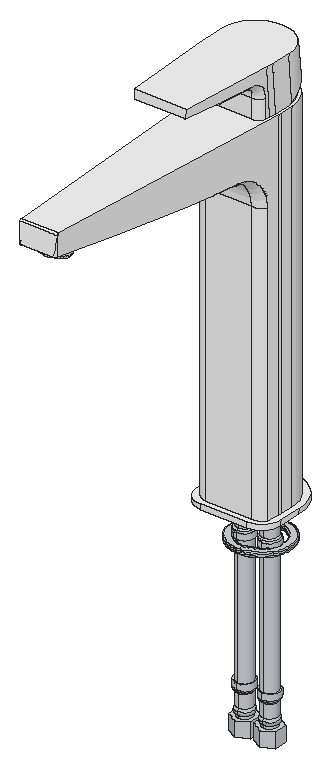
Revit family "Reece_Tap_Posh_Solus MK3_Basin Mixer_Extended", category Plumbing Fixtures, host Face, Revit 2018
Family settings
  Host = Face
  Round Connector Dimension = Use Diameter
  Part Type = Normal
  Cut with Voids When Loaded = No
  Shared = Yes
  Room Calculation Point = Yes
Parameters (values of type "160 mm_Chrome")
  WFU = 0  # constant formula
  URL = "https://www.reece.com.au/product/-9508808"
  Type Comments = "Tap"
  Reece_Tap_Reach = 160 mm  # constant formula
  Reece_Tap_Inlet = 12 mm  # constant formula
  Reece_Tap_Clearance = 210 mm  # constant formula
  Reece_Product_Web Page = "https://www.reece.com.au/product/-9508808"
  Reece_Product_Type = "Tap"  # constant formula
  Reece_Product_Sub Brand = "Solus MK3"  # constant formula
  Reece_Product_Number = "9508808"
  Reece_Product_Mount = "Hob Mounted"
  Reece_Product_Description = "Posh Solus MK3 Extended Basin Mixer Tap Chrome (4 Star)"
  Reece_Product_Brand = "Posh"  # constant formula
  Reece_Overall_Length = 201 mm  # constant formula
  Reece_Overall_Height = 260 mm  # constant formula
  Reece_Material-Main = Reece_Brass_Chrome
  Reece_Detail_Installation = ""
  Reece_Detail_Disclaimer = "THIS FILE IS THE PROPERTY OF THE REECE GROUP. IT MAY NOT BE REPRODUCED, REVERSE-ENGINEERED OR MODIFIED. ANY REPUBLICATION, TRANSMISSION OR DISTRIBUTION FOR THE PURPOSE OF COMMERCIALLY EXPLOITING THE FILES IS PROHIBITED."  # constant formula
  Reece_Detail_Connector = ""
  Reece_Detail_Additional = "Extended"  # constant formula
  Model = "Solus MK3"
  Manufacturer = "Posh"
  Keynote = "Product #9508808, Reece_Tap_Posh_Solus MK3_Basin Mixer_Extended - 160 mm_Chrome"
  HWFU = 0  # constant formula
  Disclaimer = "THIS FILE IS THE PROPERTY OF THE REECE GROUP. IT MAY NOT BE REPRODUCED, REVERSE-ENGINEERED OR MODIFIED. ANY REPUBLICATION, TRANSMISSION OR DISTRIBUTION FOR THE PURPOSE OF COMMERCIALLY EXPLOITING THE FILES IS PROHIBITED."  # constant formula
  Description = "Posh Solus MK3 Extended Basin Mixer Tap Chrome (4 Star)"
  Default Elevation = 1000 mm
  CWFU = 0  # constant formula
Types (3, lengths in mm): name | URL | Reece_Product_Web Page | Reece_Product_Number | Reece_Product_Description | Reece_Material-Main | Keynote | Description
  (no name) | "https://www.reece.com.au/product/-2264819" | "https://www.reece.com.au/product/-2264819" | "2264819" | "Posh Solus MK3 Extended Basin Mixer Tap Matte Black (4 Star)" | Reece_Brass_Matte Black | "Product #2264819, Reece_Tap_Posh_Solus MK3_Basin Mixer_Extended -  " | "Posh Solus MK3 Extended Basin Mixer Tap Matte Black (4 Star)"
  160 mm_Chrome | "https://www.reece.com.au/product/-9508808" | "https://www.reece.com.au/product/-9508808" | "9508808" | "Posh Solus MK3 Extended Basin Mixer Tap Chrome (4 Star)" | Reece_Brass_Chrome | "Product #9508808, Reece_Tap_Posh_Solus MK3_Basin Mixer_Extended - 160 mm_Chrome" | "Posh Solus MK3 Extended Basin Mixer Tap Chrome (4 Star)"
  160 mm_Matte Black | "https://www.reece.com.au/product/-2264819" | "https://www.reece.com.au/product/-2264819" | "2264819" | "Posh Solus MK3 Extended Basin Mixer Tap Matte Black (4 Star)" | Reece_Brass_Matte Black | "Product #2264819, Reece_Tap_Posh_Solus MK3_Basin Mixer_Extended - 160 mm_Matte Black" | "Posh Solus MK3 Extended Basin Mixer Tap Matte Black (4 Star)"
Reference planes
  plane 1 "Center (Front/Back)": y = 0
  plane 2 "Bottom": z = 0
  plane 3 "Center (Left/Right)": x = 0
  plane 4: x = 0.004
  plane 5: z = 260
  plane 6: z = 230
  plane 7: y = 26.5
  plane 8: y = -26.5
  plane 9: y = -174.5
  plane 10: y = -160
  plane 11: through (0, -160.393, 207.978) normal (0, 0.9816, -0.1908)
  plane 12: z = 210
Forms (mm)
  Extrusion 1, solid, material "Reece_Brass_Chrome" <- "Reece_Material-Main"
    sketch origin (619.2, -628.211, 0) x (1, 0, 0) y (0, 1, 0)
      loop
        line (-592.7, 613.711) -> (-592.7, 628.211)
        arc (-592.7, 628.211) -> (-619.2, 654.711) -> (-645.7, 628.211) r 26.5
        line (-645.7, 628.211) -> (-645.7, 613.725)
        arc (-645.7, 613.725) -> (-642.181, 605.23) -> (-633.686, 601.711) r 12.014
        line (-633.686, 601.711) -> (-604.7, 601.711)
        arc (-604.7, 601.711) -> (-596.215, 605.226) -> (-592.7, 613.711) r 12
      loop
        line (-596.7, 613.711) -> (-596.7, 628.211)
        arc (-596.7, 628.211) -> (-619.2, 650.711) -> (-641.7, 628.211) r 22.5
        line (-641.7, 628.211) -> (-641.7, 613.725)
        arc (-641.7, 613.725) -> (-639.353, 608.059) -> (-633.686, 605.711) r 8.014
        line (-633.686, 605.711) -> (-604.7, 605.711)
        arc (-604.7, 605.711) -> (-599.043, 608.055) -> (-596.7, 613.711) r 8
    from 0 to 3
  Sweep 2, solid, material "Reece_Brass_Chrome" <- "Reece_Material-Main"
    path origin (0, 1.516, 122) x (0, 1, 0) y (0, 0, 1)
      loop
        line (-78.448, 132.717) -> (-31.663, 128.624)
        arc (-31.663, 128.624) -> (-26.462, 126.059) -> (-24.36, 120.654) r 8
        line (-24.36, 120.654) -> (-24.36, 108.7)
    profile origin (0, -22.843, 236.677) x (1, 0, 0) y (0, 1, 0)
      loop
        line (-21, 47) -> (-21, 6)
        arc (-21, 6) -> (-19.243, 1.757) -> (-15, 0) r 6
        line (-15, 0) -> (15, 0)
        arc (15, 0) -> (19.243, 1.757) -> (21, 6) r 6
        line (21, 6) -> (21, 47) -> (-21, 47)
  Extrusion 3, void
    sketch origin (0, 1.516, 122) x (0, 1, 0) y (0, 0, 1)
      loop
        line (-78.448, 138) -> (22.64, 138) -> (22.64, 179.538) -> (-78.448, 179.538) -> (-78.448, 138)
      loop
        line (23.984, 108.7) -> (23.984, 120.981) -> (-2.353, 108.7) -> (23.984, 108.7)
    from -21 to 21
  Extrusion 4, void
    sketch origin (0, 10.835, 120.566) x (1, 0, 0) y (0, 0.996195, 0.087156)
      loop
        line (-20.839, -14.837) -> (-13.422, -115.975) -> (13.577, -115.975) -> (20.839, -16.953)
        arc (20.839, -16.953) -> (20.96, -14.76) -> (21, -12.564) r 60
        line (21, -12.564) -> (21, 0.167)
        arc (21, 0.167) -> (0, 21.167) -> (-21, 0.167) r 21
        line (-21, 0.167) -> (-21, -10.449)
        arc (-21, -10.449) -> (-20.96, -12.644) -> (-20.839, -14.837) r 60
      loop
        line (-34, 24.239) -> (-34, -126.534) -> (29.933, -126.534) -> (29.933, 24.239) -> (-34, 24.239)
    from 110.115 to 187.576
  Revolve 5, solid, material "Reece_Brass_Chrome" <- "Reece_Material-Main"
    sketch origin (0, 0, 124) x (0, 1, 0) y (0, 0, 1)
      loop
        line (0, 106) -> (20, 106)
        arc (20, 106) -> (14.142, 120.142) -> (0, 126) r 20
        line (0, 126) -> (0, 106)
      axis (0, 106) -> (0, 126)
    angle from 0 to 360
  Sweep 6, solid, material "Reece_Brass_Chrome" <- "Reece_Material-Main"
    path origin (0, 0, 0) x (0, 1, 0) y (0, 0, 1)
      loop
        line (-174.5, 217) -> (-40.063, 200.493)
        arc (-40.063, 200.493) -> (-27.521, 193.895) -> (-22.5, 180.642) r 20
        line (-22.5, 180.642) -> (-22.5, 0)
    profile origin (0, -22.5, 90.321) x (1, 0, 0) y (0, 1, 0)
      loop
        line (-14.486, 0) -> (14.5, 0)
        arc (14.5, 0) -> (20.114, 2.3) -> (22.499, 7.878) r 8
        line (22.499, 7.878) -> (26.345, 62.88) -> (-26.337, 62.88) -> (-22.5, 8.014)
        arc (-22.5, 8.014) -> (-20.153, 2.347) -> (-14.486, 0) r 8.014
  Extrusion 7, void
    sketch origin (0, 0, 0) x (0, 1, 0) y (0, 0, 1)
      loop
        line (-172.019, 230) -> (57.5, 230) -> (57.5, 293.404) -> (-174.5, 293.404) -> (-174.5, 217) -> (-173.012, 229.122)
        arc (-173.012, 229.122) -> (-172.682, 229.749) -> (-172.019, 230) r 1
    from -38.291 to 36.709
  Extrusion 8, void
    sketch origin (0, 0, 0) x (1, 0, 0) y (0, 1, 0)
      loop
        line (-22, 0) -> (-22, -10.912)
        arc (-22, -10.912) -> (-21.99, -11.539) -> (-21.961, -12.165) r 20
        line (-21.961, -12.165) -> (-11.889, -172.625)
        arc (-11.889, -172.625) -> (-11.262, -173.958) -> (-9.893, -174.5) r 2
        line (-9.893, -174.5) -> (9.803, -174.5)
        arc (9.803, -174.5) -> (11.172, -173.958) -> (11.799, -172.625) r 2
        line (11.799, -172.625) -> (21.985, -10.345)
        arc (21.985, -10.345) -> (22.015, -9.719) -> (22.025, -9.092) r 20
        line (22.025, -9.092) -> (22, 0)
        arc (22, 0) -> (0, 22) -> (-22, 0) r 22
      loop
        line (-38.291, 53.892) -> (-38.291, -186.108) -> (36.709, -186.108) -> (36.709, 53.892) -> (-38.291, 53.892)
    from 0 to 250
  Revolve 9, solid, material "Reece_Brass_Chrome" <- "Reece_Material-Main"
    sketch origin (0, 0, 2.818) x (0, 1, 0) y (0, 0, 1)
      loop
        line (-167.49, 214.75) -> (-168.444, 209.842) -> (-168.234, 208.783) -> (-166.499, 208.445) -> (-166.308, 209.427) -> (-164.708, 209.116) -> (-164.899, 208.134) -> (-160, 207.182) -> (-158.855, 213.072) -> (-167.49, 214.75)
      axis (-158.855, 213.072) -> (-160, 207.182)
    angle from 0 to 360
  Revolve 10, solid
    sketch origin (8, -4572, 338.011) x (0, 0, 1) y (0, -1, 0)
      loop
        line (-443.397, -4565.8) -> (-447.299, -4565.8)
        arc (-447.299, -4565.8) -> (-447.773, -4565.877) -> (-448.199, -4566.101) r 1.5
        line (-448.199, -4566.101) -> (-449.437, -4567.03) -> (-457.797, -4567.03) -> (-459.826, -4566.425)
        arc (-459.826, -4566.425) -> (-461.219, -4566.518) -> (-462.212, -4567.5) r 2
        line (-462.212, -4567.5) -> (-473.011, -4567.5) -> (-473.011, -4572) -> (-338.011, -4572) -> (-338.011, -4566.5) -> (-342.546, -4566.531) -> (-342.546, -4568.342)
        arc (-342.546, -4568.342) -> (-343.35, -4566.738) -> (-345.117, -4566.425) r 2
        line (-345.117, -4566.425) -> (-347.146, -4567.03) -> (-355.506, -4567.03) -> (-356.743, -4566.101)
        arc (-356.743, -4566.101) -> (-357.169, -4565.877) -> (-357.644, -4565.8) r 1.5
        line (-357.644, -4565.8) -> (-361.546, -4565.8) -> (-361.546, -4567) -> (-443.397, -4567) -> (-443.397, -4565.8)
      axis (-473.011, -4572) -> (-338.011, -4572)
    angle from 0 to 360
  Extrusion 11, solid
    sketch origin (-7.854, -0.021, -135) x (-1, 0, 0) y (0, 1, 0)
      loop
        line (0.146, 8.125) -> (-6.873, 4.073) -> (-6.873, -4.031) -> (0.146, -8.083) -> (7.164, -4.031) -> (7.164, 4.073) -> (0.146, 8.125)
      loop
        circle (0.146, 0.021) r 4.5
    from 0.183 to -9.124
  Extrusion 12, solid
    sketch origin (8.459, 1.755, -135) x (0, -1, 0) y (-1, 0, 0)
      loop
        line (9.886, 0.412) -> (5.807, 7.477) -> (-2.297, 7.477) -> (-6.349, 0.459) -> (-2.297, -6.559) -> (5.861, -6.559) -> (9.886, 0.412)
      loop
        circle (1.755, 0.459) r 4.5
    from 0.183 to -9.124
  Revolve 13, solid
    sketch origin (0, -3.75, 0) x (0, 1, 0) y (0, 0, 1)
      loop
        arc (-7.826, -24.5) -> (-7.473, -24.353) -> (-7.326, -24) r 0.5
        line (-7.326, -24) -> (-7.326, -22.5)
        arc (-7.326, -22.5) -> (-7.473, -22.146) -> (-7.826, -22) r 0.5
        line (-7.826, -22) -> (-11.826, -22)
        arc (-11.826, -22) -> (-12.18, -22.146) -> (-12.326, -22.5) r 0.5
        line (-12.326, -22.5) -> (-12.326, -24)
        arc (-12.326, -24) -> (-12.18, -24.353) -> (-11.826, -24.5) r 0.5
        line (-11.826, -24.5) -> (-7.826, -24.5)
      axis (6.674, -24.5) -> (6.674, -22)
    angle from 0 to 360
  Revolve 14, solid
    sketch origin (0, -5, 0) x (0, 1, 0) y (0, 0, 1)
      loop
        line (14.924, 0) -> (8.849, 0)
        arc (8.849, 0) -> (8.496, -0.146) -> (8.349, -0.5) r 0.5
        line (8.349, -0.5) -> (8.349, -14.094) -> (11.924, -14.094) -> (11.924, -44.693)
        arc (11.924, -44.693) -> (12.07, -45.047) -> (12.424, -45.193) r 0.5
        line (12.424, -45.193) -> (14.924, -45.193) -> (14.924, 0)
      axis (14.924, -45.193) -> (14.924, 0)
    angle from 0 to 360
  Revolve 15, solid
    sketch origin (-8, -4572, 338.011) x (0, 0, 1) y (0, -1, 0)
      loop
        line (-443.397, -4565.8) -> (-447.299, -4565.8)
        arc (-447.299, -4565.8) -> (-447.773, -4565.877) -> (-448.199, -4566.101) r 1.5
        line (-448.199, -4566.101) -> (-449.437, -4567.03) -> (-457.797, -4567.03) -> (-459.826, -4566.425)
        arc (-459.826, -4566.425) -> (-461.219, -4566.518) -> (-462.212, -4567.5) r 2
        line (-462.212, -4567.5) -> (-473.011, -4567.5) -> (-473.011, -4572) -> (-338.011, -4572) -> (-338.011, -4566.5) -> (-342.546, -4566.531) -> (-342.546, -4568.342)
        arc (-342.546, -4568.342) -> (-343.35, -4566.738) -> (-345.117, -4566.425) r 2
        line (-345.117, -4566.425) -> (-347.146, -4567.03) -> (-355.506, -4567.03) -> (-356.743, -4566.101)
        arc (-356.743, -4566.101) -> (-357.169, -4565.877) -> (-357.644, -4565.8) r 1.5
        line (-357.644, -4565.8) -> (-361.546, -4565.8) -> (-361.546, -4567) -> (-443.397, -4567) -> (-443.397, -4565.8)
      axis (-473.011, -4572) -> (-338.011, -4572)
    angle from 0 to 360
  Extrusion 16, void
    sketch origin (619.2, -628.211, 0) x (0, 1, 0) y (1, 0, 0)
      loop
        circle (630.711, -619.193) r 20
    from 0 to 135
Cuts and joins
  Extrusion 3, Extrusion 4 cuts Sweep 2
  joined: Sweep 2, Revolve 5
  Extrusion 7, Extrusion 8 cuts Sweep 6
  joined: Sweep 6, Revolve 9
  joined: Revolve 10, Extrusion 12
  joined: Extrusion 11, Revolve 15
Text (mm)
  text "Reece Copyright © 2018, Reece Ltd." at (-786.271, -276.633, 0), in view "Ref. Level"
  text "Reece ©" at (44.384, 258.95, 192.345), in view "Reece Preview"
Dimensions and locks
  "Reece_Tap_Reach": plane 10 to plane 1 "Center (Front/Back)"
  "Reece_Overall_Height": plane 5 to plane 2 "Bottom"
  "Reece_Overall_Length": plane 9 to plane 7
  "Reece_Tap_Clearance": plane 2 "Bottom" to plane 12
  angle plane 11 to plane 10 = 11.00°
  aligned and locked: plane 2 "Bottom" to host face
  aligned and locked: level to host face
Automatic sketch dimensions
  host sketch curve to host sketch curve = 380.785 mm
  host sketch curve to host sketch curve = 317.421 mm
  Extrusion 1 sketch curve to Extrusion 1 sketch curve = 0 mm  (x6)
  plane 1 "Center (Front/Back)" to Extrusion 1 sketch curve = 0 mm
  Extrusion 1 sketch curve to plane 8 = 0 mm
  Extrusion 1 sketch curve to plane 3 "Center (Left/Right)" = 0 mm
  plane 8 to Extrusion 1 sketch curve = 4 mm
  Extrusion 1 sketch curve to plane 3 "Center (Left/Right)" = 14.486 mm
  Extrusion 1 sketch curve to Extrusion 1 sketch curve = 8.014 mm
  Extrusion 1 sketch curve to Extrusion 1 sketch curve = 8 mm
  Sweep 2 sketch curve to plane 8 = 4.343 mm
  Sweep 2 sketch curve to plane 8 = 3.646 mm
  plane 8 to Sweep 2 sketch curve = 3.657 mm
  plane 6 to Sweep 2 sketch curve = 12.654 mm
  Sweep 2 sketch curve to plane 5 = 5.283 mm
  Sweep 2 sketch curve to Sweep 2 sketch curve = 46.786 mm
  plane 6 to Sweep 2 sketch curve = 0.7 mm
  profile plane to Sweep 2 sketch curve = 0 mm
  Sweep 2 sketch curve to profile plane = 21 mm
  Sweep 2 sketch curve to Sweep 2 sketch curve = 6 mm
  profile plane to Sweep 2 sketch curve = 15 mm
  profile plane to Sweep 2 sketch curve = 21 mm
  Sweep 2 sketch curve to Sweep 2 sketch curve = 41 mm
  Extrusion 3 sketch curve to plane 5 = 0 mm
  Extrusion 3 sketch curve to plane 8 = 50.432 mm
  plane 1 "Center (Front/Back)" to Extrusion 3 sketch curve = 0.837 mm
  Extrusion 3 sketch curve to plane 7 = 2.343 mm
  Extrusion 3 sketch curve to plane 7 = 1 mm
  plane 6 to Extrusion 3 sketch curve = 12.981 mm
  plane 6 to Extrusion 3 sketch curve = 0.7 mm
  plane 5 to Extrusion 3 sketch curve = 41.538 mm
  Extrusion 4 sketch curve to plane 3 "Center (Left/Right)" = 0 mm
  Extrusion 4 sketch curve to plane 3 "Center (Left/Right)" = 13.422 mm
  Extrusion 4 sketch curve to plane 3 "Center (Left/Right)" = 20.839 mm
  Extrusion 4 sketch curve to Extrusion 4 sketch curve = 0.161 mm  (x2)
  Extrusion 4 sketch curve to Extrusion 4 sketch curve = 13 mm
  Extrusion 4 sketch curve to Extrusion 4 sketch curve = 18 mm  (x2)
  plane 4 to Extrusion 4 sketch curve = 13.573 mm
  Extrusion 4 sketch curve to Extrusion 4 sketch curve = 16.356 mm
  Extrusion 4 sketch curve to Extrusion 4 sketch curve = 10.559 mm
  Extrusion 4 sketch curve to Extrusion 4 sketch curve = 99.022 mm
  Extrusion 4 sketch curve to Extrusion 4 sketch curve = 2.273 mm
  Extrusion 4 sketch curve to Extrusion 4 sketch curve = 12.732 mm
  Extrusion 4 sketch curve to Extrusion 4 sketch curve = 24.071 mm
  Revolve 5 sketch curve to plane 1 "Center (Front/Back)" = 0 mm  (x2)
  Revolve 5 sketch curve to plane 6 = 0 mm  (x2)
  Revolve 5 sketch curve to plane 7 = 6.5 mm
  Revolve 5 sketch curve to Revolve 5 sketch curve = 0 mm
  Sweep 6 sketch curve to plane 9 = 0 mm
  level to Sweep 6 sketch curve = 0 mm
  Sweep 6 sketch curve to plane 8 = 16 mm
  Sweep 6 sketch curve to plane 8 = 13.563 mm
  plane 8 to Sweep 6 sketch curve = 4 mm
  plane 12 to Sweep 6 sketch curve = 29.358 mm
  Sweep 6 sketch curve to plane 12 = 7 mm
  profile plane to Sweep 6 sketch curve = 0 mm
  Sweep 6 sketch curve to plane 3 "Center (Left/Right)" = 26.337 mm
  Sweep 6 sketch curve to profile plane = 8.014 mm
  Sweep 6 sketch curve to plane 3 "Center (Left/Right)" = 22.5 mm
  Sweep 6 sketch curve to profile plane = 8 mm
  plane 3 "Center (Left/Right)" to Sweep 6 sketch curve = 14.5 mm
  Sweep 6 sketch curve to profile plane = 7.878 mm
  plane 3 "Center (Left/Right)" to Sweep 6 sketch curve = 26.345 mm
  Sweep 6 sketch curve to Sweep 6 sketch curve = 54.866 mm
  Extrusion 7 sketch curve to plane 9 = 0 mm
  Extrusion 7 sketch curve to plane 6 = 0 mm
  Extrusion 7 sketch curve to plane 6 = 0.878 mm
  Extrusion 7 sketch curve to plane 9 = 1.488 mm
  Extrusion 7 sketch curve to Extrusion 7 sketch curve = 0.993 mm
  plane 7 to Extrusion 7 sketch curve = 31 mm
  plane 5 to Extrusion 7 sketch curve = 33.404 mm
  plane 1 "Center (Front/Back)" to Extrusion 8 sketch curve = 0 mm  (x2)
  plane 9 to Extrusion 8 sketch curve = 0 mm
  Extrusion 8 sketch curve to plane 3 "Center (Left/Right)" = 0 mm
  Extrusion 8 sketch curve to plane 3 "Center (Left/Right)" = 2 mm
  Extrusion 8 sketch curve to plane 9 = 2 mm  (x2)
  Extrusion 8 sketch curve to plane 3 "Center (Left/Right)" = 9.893 mm
  Extrusion 8 sketch curve to plane 9 = 1.875 mm  (x2)
  plane 8 to Extrusion 8 sketch curve = 14.335 mm
  Extrusion 8 sketch curve to Extrusion 8 sketch curve = 19.961 mm  (x2)
  Extrusion 8 sketch curve to Extrusion 8 sketch curve = 22 mm
  plane 9 to Extrusion 8 sketch curve = 11.608 mm
  Extrusion 8 sketch curve to Extrusion 8 sketch curve = 26.402 mm
  plane 4 to Extrusion 8 sketch curve = 2.02 mm
  plane 4 to Extrusion 8 sketch curve = 9.799 mm
  plane 8 to Extrusion 8 sketch curve = 16.155 mm
  Extrusion 8 sketch curve to Extrusion 8 sketch curve = 0.039 mm
  plane 4 to Extrusion 8 sketch curve = 36.705 mm
  plane 7 to Extrusion 8 sketch curve = 27.392 mm
  plane 11 to Revolve 9 sketch curve = 0 mm  (x4)
  Revolve 9 sketch curve to plane 10 = 0 mm
  Revolve 9 sketch curve to plane 12 = 1.934 mm
  plane 10 to Revolve 9 sketch curve = 4.708 mm
  Revolve 9 sketch curve to plane 12 = 2.245 mm
  Revolve 9 sketch curve to plane 12 = 1.263 mm
  Revolve 9 sketch curve to Revolve 9 sketch curve = 1.182 mm
  Revolve 9 sketch curve to plane 12 = 1.6 mm
  Revolve 9 sketch curve to plane 12 = 2.66 mm
  Revolve 9 sketch curve to Revolve 9 sketch curve = 0.21 mm
  plane 10 to Revolve 9 sketch curve = 1.717 mm
  Revolve 9 sketch curve to Revolve 9 sketch curve = 0 mm
  plane 1 "Center (Front/Back)" to Revolve 13 sketch curve = 16.076 mm
  Revolve 13 sketch curve to Revolve 13 sketch curve = 0.5 mm  (x3)
  Revolve 13 sketch curve to Revolve 13 sketch curve = 4 mm
  Revolve 13 sketch curve to Revolve 13 sketch curve = 0 mm
  Revolve 13 sketch curve to level = 24.5 mm
  Revolve 13 sketch curve to Revolve 13 sketch curve = 1.5 mm
  Revolve 13 sketch curve to plane 1 "Center (Front/Back)" = 2.924 mm
  Revolve 13 sketch curve to Revolve 13 sketch curve = 5.5 mm
  Revolve 13 sketch curve to level = 14.5 mm
  Revolve 14 sketch curve to level = 14.094 mm
  Revolve 14 sketch curve to plane 1 "Center (Front/Back)" = 3.349 mm
  Revolve 14 sketch curve to Revolve 14 sketch curve = 0.5 mm  (x2)
  Revolve 14 sketch curve to Revolve 14 sketch curve = 3.574 mm
  Revolve 14 sketch curve to Revolve 14 sketch curve = 2.5 mm
  Revolve 14 sketch curve to level = 44.693 mm
  Revolve 14 sketch curve to level = 0.5 mm
  Revolve 14 sketch curve to Revolve 14 sketch curve = 0 mm
  Revolve 14 sketch curve to Revolve 14 sketch curve = 2.306 mm
  Revolve 14 sketch curve to Revolve 14 sketch curve = 20.14 mm
  Revolve 10 sketch curve to plane 1 "Center (Front/Back)" = 4.5 mm
  level to Revolve 10 sketch curve = 135 mm
  Revolve 10 sketch curve to Revolve 10 sketch curve = 10.799 mm
  Revolve 10 sketch curve to Revolve 10 sketch curve = 1.814 mm
  Revolve 10 sketch curve to plane 1 "Center (Front/Back)" = 5.575 mm  (x2)
  Revolve 10 sketch curve to Revolve 10 sketch curve = 0.571 mm  (x2)
  Revolve 10 sketch curve to plane 1 "Center (Front/Back)" = 4.97 mm  (x2)
  Revolve 10 sketch curve to Revolve 10 sketch curve = 2.029 mm  (x2)
  Revolve 10 sketch curve to Revolve 10 sketch curve = 8.36 mm  (x2)
  Revolve 10 sketch curve to plane 1 "Center (Front/Back)" = 5.899 mm  (x2)
  Revolve 10 sketch curve to Revolve 10 sketch curve = 1.238 mm  (x2)
  Revolve 10 sketch curve to Revolve 10 sketch curve = 0.901 mm  (x2)
  Revolve 10 sketch curve to Revolve 10 sketch curve = 3.901 mm  (x2)
  Revolve 10 sketch curve to plane 1 "Center (Front/Back)" = 5 mm
  level to Revolve 10 sketch curve = 23.535 mm
  Revolve 10 sketch curve to Revolve 10 sketch curve = 2.571 mm
  Revolve 10 sketch curve to Revolve 10 sketch curve = 4.535 mm
  Revolve 10 sketch curve to Revolve 10 sketch curve = 1.917 mm
  Revolve 10 sketch curve to Revolve 10 sketch curve = 4.5 mm
  Revolve 10 sketch curve to Revolve 10 sketch curve = 1.199 mm  (x2)
  Revolve 10 sketch curve to Revolve 10 sketch curve = 1.811 mm
  Revolve 10 sketch curve to Revolve 10 sketch curve = 0.031 mm
  Revolve 10 sketch curve to Revolve 10 sketch curve = 0 mm
  Revolve 10 sketch curve to plane 1 "Center (Front/Back)" = 0 mm
  Revolve 10 sketch curve to Revolve 10 sketch curve = 18.173 mm
  Revolve 10 sketch curve to plane 5 = 7.293 mm
  Revolve 15 sketch curve to plane 1 "Center (Front/Back)" = 0 mm
  plane 1 "Center (Front/Back)" to Revolve 15 sketch curve = 4.5 mm
  Revolve 15 sketch curve to level = 135 mm
  Revolve 15 sketch curve to Revolve 15 sketch curve = 10.799 mm
  Revolve 15 sketch curve to Revolve 15 sketch curve = 1.814 mm
  plane 1 "Center (Front/Back)" to Revolve 15 sketch curve = 5.575 mm  (x2)
  Revolve 15 sketch curve to Revolve 15 sketch curve = 0.571 mm  (x2)
  plane 1 "Center (Front/Back)" to Revolve 15 sketch curve = 4.97 mm  (x2)
  Revolve 15 sketch curve to Revolve 15 sketch curve = 2.029 mm  (x2)
  Revolve 15 sketch curve to Revolve 15 sketch curve = 8.36 mm  (x2)
  plane 1 "Center (Front/Back)" to Revolve 15 sketch curve = 5.899 mm  (x2)
  Revolve 15 sketch curve to Revolve 15 sketch curve = 1.238 mm  (x2)
  Revolve 15 sketch curve to Revolve 15 sketch curve = 0.901 mm  (x2)
  Revolve 15 sketch curve to Revolve 15 sketch curve = 3.901 mm  (x2)
  plane 1 "Center (Front/Back)" to Revolve 15 sketch curve = 5 mm
  Revolve 15 sketch curve to level = 23.535 mm
  Revolve 15 sketch curve to Revolve 15 sketch curve = 2.571 mm
  Revolve 15 sketch curve to Revolve 15 sketch curve = 4.535 mm
  Revolve 15 sketch curve to Revolve 15 sketch curve = 1.917 mm
  Revolve 15 sketch curve to Revolve 15 sketch curve = 1.199 mm  (x2)
  Revolve 15 sketch curve to Revolve 15 sketch curve = 1.811 mm
  Revolve 15 sketch curve to Revolve 15 sketch curve = 0.031 mm
  Revolve 15 sketch curve to Revolve 15 sketch curve = 0 mm
  Revolve 10 to Extrusion 12 sketch curve = 0 mm  (x2)
  Extrusion 12 sketch curve to Extrusion 12 sketch curve = 4.052 mm  (x3)
  Extrusion 12 sketch curve to Revolve 10 = 7.018 mm
  Revolve 10 to Extrusion 12 sketch curve = 7.018 mm
  Extrusion 12 sketch curve to Extrusion 12 sketch curve = 4.106 mm
  Extrusion 12 sketch curve to Extrusion 12 sketch curve = 8.104 mm
  Revolve 10 to Extrusion 12 sketch curve = 0.047 mm
  Extrusion 12 sketch curve to Extrusion 12 sketch curve = 4.025 mm
  Extrusion 11 sketch curve to Revolve 15 = 7.018 mm
  Extrusion 11 sketch curve to Revolve 15 = 0 mm  (x3)
  Revolve 15 to Extrusion 11 sketch curve = 7.018 mm
  Extrusion 11 sketch curve to Extrusion 11 sketch curve = 4.052 mm  (x4)
  Extrusion 11 sketch curve to Extrusion 11 sketch curve = 8.104 mm  (x2)
  Extrusion 7 sketch curve to plane 12 = 7 mm
  Extrusion 16 sketch curve to Extrusion 1 = 25 mm
  Extrusion 16 sketch curve to Extrusion 1 = 22.493 mm
  radius of Extrusion 12 sketch curve = 4.5 mm
  radius of Extrusion 11 sketch curve = 4.5 mm
  radius of Extrusion 16 sketch curve = 20 mm
Connectors
  piping at (-8, 0, -135.183), diameter 12, driven by "Reece_Tap_Inlet"
    settings: on cut or joined group of Extrusion 11, Revolve 15, index 1, connector inside diameter 609.6 mm, connector length 0 mm, flow factor 0, pipe flow 0.0 L/s, pressure drop 0.0 Pa, fitting loss kfactor 0, connector angle 0.00°, fixture units 0, engagement length 0 mm, angle of deflection 0.00°, flow configuration 0, flow direction 1, fitting loss method 0, system type 29, joint type 0, gender type 0, connector reference index -1, connector utility 0, adjustable connector no, is connector primary yes, connector description ""
  piping at (8, 0, -135), diameter 12, driven by "Reece_Tap_Inlet"
    settings: on cut or joined group of Revolve 10, Extrusion 12, index 2, connector inside diameter 609.6 mm, connector length 0 mm, flow factor 0, pipe flow 0.0 L/s, pressure drop 0.0 Pa, fitting loss kfactor 0, connector angle 0.00°, fixture units 0, engagement length 0 mm, angle of deflection 0.00°, flow configuration 0, flow direction 1, fitting loss method 0, system type 29, joint type 0, gender type 0, connector reference index -1, connector utility 0, adjustable connector no, is connector primary no, connector description ""
